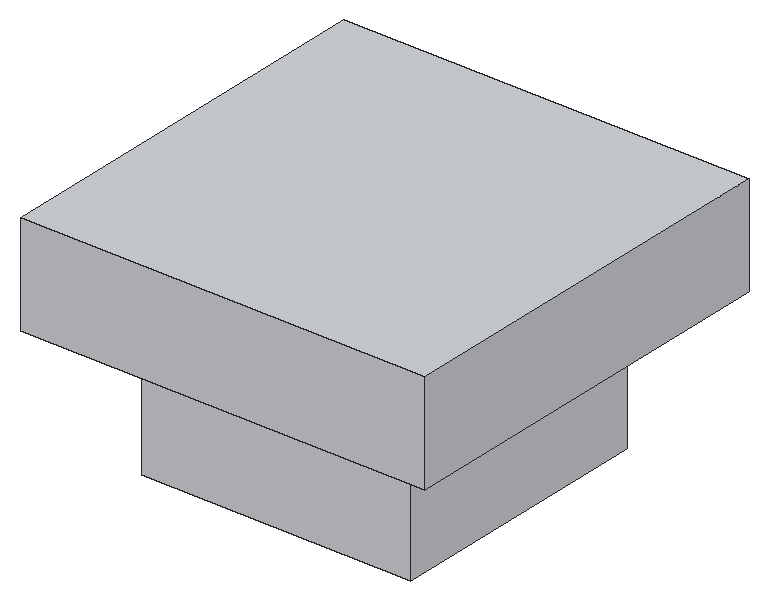
Revit family "Thermostat", category Mechanical Control Devices, host Face, Revit 2025
Family settings
  Host = Face
  Round Connector Dimension = Use Diameter
  Part Type = Normal
  Cut with Voids When Loaded = No
  Maintain Annotation Orientation = Yes
  Shared = No
  Room Calculation Point = No
Parameters (values of type "T (Wall Mounted)")
  Width = 3"
  Wall Mounted = yes
  Rotate [instance] = no
  Label = "T"
  Height = 3"
  Default Elevation = 48"
  Ceiling Mounted = no
Types (2): name | Wall Mounted | Rotate | Ceiling Mounted
  T (Wall Mounted) | yes | no | no
  T (Ceiling Mounted) | no | yes | yes
Reference planes (in)
  plane 1 "Center (Front/Back)": y = 0
  plane 2: z = 0
  plane 3 "Center (Left/Right)": x = 0
  plane 4: z = 0.75
  plane 5: z = -1
Forms (in)
  Extrusion 1, solid
    sketch origin (0, 0, 0) x (1, 0, 0) y (0, 1, 0)
      loop
        line (-1.5, 1.5) -> (-1.5, -1.5) -> (1.5, -1.5) -> (1.5, 1.5) -> (-1.5, 1.5)
    from 0 to 0.75
  Extrusion 2, solid
    sketch origin (0, 0, 0) x (1, 0, 0) y (0, 1, 0)
      loop
        line (-1, 1) -> (-1, -1) -> (1, -1) -> (1, 1) -> (-1, 1)
    from 0 to -1
Dimensions and locks (in)
  equal spacing: Extrusion 1 sketch curve, plane 3 "Center (Left/Right)", Extrusion 1 sketch curve
  equal spacing: Extrusion 1 sketch curve, plane 1 "Center (Front/Back)", Extrusion 1 sketch curve
  "Height": Extrusion 1 sketch curve to Extrusion 1 sketch curve
  "Width": Extrusion 1 sketch curve to Extrusion 1 sketch curve
  plane 4 to plane 2 = 3/4"
  equal spacing: Extrusion 2 sketch curve, plane 3 "Center (Left/Right)", Extrusion 2 sketch curve
  equal spacing: Extrusion 2 sketch curve, plane 1 "Center (Front/Back)", Extrusion 2 sketch curve
  plane 1 "Center (Front/Back)" to Extrusion 2 sketch curve = 1"
  plane 3 "Center (Left/Right)" to Extrusion 2 sketch curve = 1"
  plane 2 to plane 5 = 1"
  aligned and locked: plane 2 to host face
  aligned and locked: level to host face
  aligned and locked: plane 4 to Extrusion 1
  aligned and locked: Extrusion 2 to plane 5
Automatic sketch dimensions
  host sketch curve to host sketch curve = 96"  (x2)
Nested families (in)
  nested 1: "Wall Symbol" at (0, 0, 0), visible <- "Wall Mounted", type "Standard"
  nested 2: "Ceiling Symbol" at (0, 0, 0), visible <- "Ceiling Mounted", type "Standard"
Definition of nested family "Wall Symbol"
  Parameters (values of type "Standard")
    Rotate = yes
    Not Rotate = not(Rotate)  # no
    Label = "ATS"
  Reference planes (in)
    plane 1: y = 0
    plane 2: x = 0
  Lines and regions (in)
    detail lines
      curve 1: circle (0, 0.125, 0) r 0.125 normal (0, 0, 1)
  Text (in)
    label "ATS" at (0.00258, 0.12377, 0), shows "Label", visible <- "Not Rotate"
    label "ATS" at (0.00258, 0.12377, 0), shows "Label", visible <- "Rotate"
Definition of nested family "Ceiling Symbol"
  Parameters (values of type "Standard")
    Label = "ATS"
  Reference planes (in)
    plane 1: y = 0
    plane 2: x = 0
  Lines and regions (in)
    detail lines
      curve 1: circle (0, 0, 0) r 0.125 normal (0, 0, 1)
  Text (in)
    label "ATS" at (0.00258, -0.00123, 0), shows "Label"
